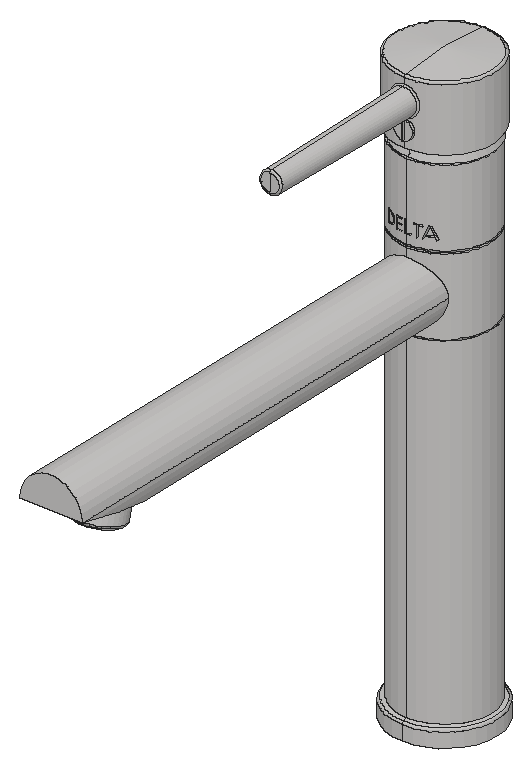
Revit family "Delta Kitchen Trinsic 1159LF", category Plumbing Fixtures, host Face, Revit 2012
Parameters (values of type "Delta Kitchen Trinsic 1159LF")
  With Soap/Lotion Dispenser = no
  With Side Sprayer = no
  Valve Type = "Euromotion Ceramic Cartridge"
  URL = "http://www.deltafaucet.com"
  Tall/High-Arc = yes
  Spout Total Height = 0' - 8"
  Spout Length = 0' - 8 1/4"
  Spout Height Deck to Aerator = 0' - 7"
  Pull-out/Pull-down = no
  Number of Handles = 1
  Model = "1159"
  Manufacturer = "Delta"
  Holes/Width = "Single hole installation"
  Flow Rate = "1.8 gpm @ 60 psi, 6.8 L/min @414 kPa \r\n\r\nRead more: http://www.deltafaucet.com/kitchen/details/1159lf.html#/?tab=product-support#ixzz2OqQYlGZq"
  Default Elevation = 4' - 0"
Reference planes (in)
  plane 1 "Center (Front/Back)": y = 0
  plane 2: z = 0
  plane 3 "Center (Left/Right)": x = 0
Dimensions and locks (in)
  aligned and locked: plane 2 to host face
  aligned and locked: level to host face
Nested families (in)
  nested 1: "Delta Kitchen Trinsic 1159" at (0, 0, 0), type "Delta Kitchen Trinsic 1159"
Connectors (in)
  piping at (0, 0, 0)
    settings: on host face, index 1, connector radius 12", flow factor 0, pipe flow 0 GPM, pressure drop 0.00 psi, fitting loss kfactor 0, connector angle 0.00°, fixture units 0, engagement length 0' - 0", flow configuration 0, flow direction 0, fitting loss method 0, system type 7, joint type 0, gender type 0, connector reference index -1, connector utility 0, adjustable connector no, is connector primary yes, fitting loss table "", connector description ""
Definition of nested family "Delta Kitchen Trinsic 1159"
  Parameters (values of type "Delta Kitchen Trinsic 1159")
    URL = "http://www.deltafaucet.com"
    Tap = Stainless Steel
    Model = "Delta Kitchen Trinsic 1159"
    Manufacturer = "Delta"
    Logo = Logo
  Reference planes (in)
    plane 1 "Center (Front/Back)": y = 0
    plane 2: z = 0
    plane 3 "Center (Left/Right)": x = 0
  Forms (in)
    Sweep 1, solid, material "Stainless Steel" <- "Tap"
      path origin (0, 35.17458, -28.06417) x (0, 1, 0) y (0, 0, 1)
        loop
          line (-35.8394, 35.58071) -> (-44.42734, 35.58071)
      profile origin (0, -4.95879, 7.51654) x (0, 0, -1) y (1, 0, 0)
        loop
          circle (0, 0) r 0.59053
    Revolve 2, solid, material "Stainless Steel" <- "Tap"
      sketch origin (0, 35.65997, -28.96836) x (0, 1, 0) y (0, 0, 1)
        loop
          line (-35.6627, 28.96836) -> (-35.6627, 35.77031) -> (-36.53873, 35.77031) -> (-36.53873, 29.31066) -> (-36.61891, 29.2899)
          arc (-36.61891, 29.2899) -> (-36.64344, 29.27109) -> (-36.65273, 29.24161) r 0.0514
          line (-36.65273, 29.24161) -> (-36.65273, 28.96836) -> (-35.6627, 28.96836)
        axis (-35.6627, 28.96836) -> (-35.6627, 35.77031)
      angle from 0 to 360
    Revolve 3, solid, material "Stainless Steel" <- "Tap"
      sketch origin (0.01536, 35.6657, -26.03282) x (0, 1, 0) y (0, 0, 1)
        loop
          line (-35.6627, 36.01266) -> (-35.6627, 35.82677) -> (-34.78917, 35.82677)
          arc (-34.78917, 35.82677) -> (-34.83043, 35.97647) -> (-34.88448, 36.12203) r 1.79394
          line (-34.88448, 36.12203) -> (-35.6627, 36.01266)
        axis (-35.6627, 35.82677) -> (-35.6627, 36.12203)
      angle from 0 to 360
    Revolve 4, solid, material "Stainless Steel" <- "Tap"
      sketch origin (0, 34.35252, -26.62005) x (0, 0.999445, 0.033323) y (0, -0.033323, 0.999445)
        loop
          line (-40.83326, 35.1106) -> (-41.27293, 35.23622) -> (-41.3624, 34.9231) -> (-40.94704, 34.80442)
          arc (-40.94704, 34.80442) -> (-40.92944, 34.80628) -> (-40.9167, 34.81857) r 0.02723
          line (-40.9167, 34.81857) -> (-40.83326, 35.1106)
        axis (-41.3624, 34.9231) -> (-41.27293, 35.23622)
      angle from 0 to 360
    Revolve 5, solid, material "Stainless Steel" <- "Tap"
      sketch origin (0, 34.32506, -26.70403) x (0, 0.999445, 0.033323) y (0, -0.033323, 0.999445)
        loop
          line (-41.35211, 34.95912) -> (-40.99686, 34.85762) -> (-40.96532, 34.90266) -> (-41.33783, 35.00909) -> (-41.35211, 34.95912)
        axis (-41.33783, 35.00909) -> (-41.35211, 34.95912)
      angle from 0 to 360
    Extrusion 6, solid, material "Stainless Steel" <- "Tap"
      sketch origin (0, 35.62306, -27.40622) x (1, 0, 0) y (0, 0, 1)
        loop
          circle (0, 37.70686) r 0.17717
      from 36.59986 to 36.55984
    Extrusion 7, solid, material "Stainless Steel" <- "Tap"
      sketch origin (0, 35.62306, -27.40622) x (1, 0, 0) y (0, 0, 1)
        loop
          arc (-0.01575, 37.53707) -> (0, 37.53548) -> (0.01575, 37.53707) r 0.07874
          line (0.01575, 37.53707) -> (0.01575, 37.87939)
          arc (0.01575, 37.87939) -> (0, 37.88098) -> (-0.01575, 37.87939) r 0.07874
          line (-0.01575, 37.87939) -> (-0.01575, 37.53707)
      from 36.59986 to 36.61973
    Revolve 8, solid, material "Stainless Steel" <- "Tap"
      sketch origin (0, 35.65997, -28.96836) x (0, 1, 0) y (0, 0, 1)
        loop
          line (-36.51826, 37.26631) -> (-35.66273, 37.26631) -> (-35.66273, 38.76231) -> (-36.51826, 38.76231)
          arc (-36.51826, 38.76231) -> (-36.53392, 38.75526) -> (-36.53873, 38.73877) r 0.02052
          line (-36.53873, 38.73877) -> (-36.53873, 37.28986)
          arc (-36.53873, 37.28986) -> (-36.53392, 37.27337) -> (-36.51826, 37.26631) r 0.02052
        axis (-35.66273, 37.26631) -> (-35.66273, 38.76231)
      angle from 0 to 360
    Extrusion 9, void
      sketch origin (0, 0, 0) x (0, 1, 0) y (0, 0, 1)
        loop
          line (-9.25276, 7.51654) -> (-9.25276, 6.92601) -> (-6.89056, 6.92601) -> (-9.25276, 7.51654)
      from -0.69479 to 0.6519
    Revolve 10, solid, material "Stainless Steel" <- "Tap"
      sketch origin (0, 35.65997, -30.46436) x (0, 1, 0) y (0, 0, 1)
        loop
          line (-36.51826, 37.26631) -> (-35.66273, 37.26631) -> (-35.66273, 38.76231) -> (-36.51826, 38.76231)
          arc (-36.51826, 38.76231) -> (-36.53392, 38.75526) -> (-36.53873, 38.73877) r 0.02052
          line (-36.53873, 38.73877) -> (-36.53873, 37.28986)
          arc (-36.53873, 37.28986) -> (-36.53392, 37.27337) -> (-36.51826, 37.26631) r 0.02052
        axis (-35.66273, 37.26631) -> (-35.66273, 38.76231)
      angle from 0 to 360
    Revolve 11, solid, material "Stainless Steel" <- "Tap"
      sketch origin (0, 0, 0) x (0, 1, 0) y (0, 0, 1)
        loop
          line (0, 9.98018) -> (0, 11.28518)
          arc (0, 11.28518) -> (-0.4548, 11.26452) -> (-0.90567, 11.20135) r 4.85578
          arc (-0.90567, 11.20135) -> (-0.93348, 11.18983) -> (-0.945, 11.16202) r 0.03933
          line (-0.945, 11.16202) -> (-0.945, 9.98018) -> (0, 9.98018)
        axis (0, 11.28518) -> (0, 9.98018)
      angle from 0 to 360
    Extrusion 12, void
      sketch origin (0, 0, 0) x (0, 1, 0) y (0, 0, 1)
        loop
          line (0.945, 9.98018) -> (0.945, 10.11299) -> (0, 9.98018) -> (0.945, 9.98018)
      from -0.9996 to 1.03145
    Revolve 13, solid, material "Stainless Steel" <- "Tap"
      sketch origin (0, 0, 0) x (0, 1, 0) y (0, 0, 1)
        loop
          line (-0.9755, 11.0231) -> (-4.0704, 10.98158)
          arc (-4.0704, 10.98158) -> (-4.09135, 10.97265) -> (-4.09999, 10.95158) r 0.03
          line (-4.09999, 10.95158) -> (-4.09999, 10.77618) -> (-0.94549, 10.77618) -> (-0.94549, 11.0531)
          arc (-0.94549, 11.0531) -> (-0.95428, 11.03188) -> (-0.9755, 11.0231) r 0.03
        axis (-0.94549, 10.77618) -> (-4.09999, 10.77618)
      angle from 0 to 360
    Sweep 14, void
      path origin (0, -0.01645, 0) x (0, 1, 0) y (0, 0, 1)
        loop
          line (-0.9487, 8.61338) -> (-0.67943, 8.61338)
      profile origin (0, -0.83052, 8.61338) x (0, 0, 1) y (1, 0, 0)
        loop
          line (-0.11811, -0.37899) -> (-0.11811, -0.44986) -> (0.11811, -0.44986) -> (0.11811, -0.37899)
          arc (0.11811, -0.37899) -> (0, -0.26088) -> (-0.11811, -0.37899) r 0.11811
        loop
          line (0.08661, -0.41836) -> (0.08661, -0.37899)
          arc (0.08661, -0.37899) -> (0, -0.29238) -> (-0.08661, -0.37899) r 0.08661
          line (-0.08661, -0.37899) -> (-0.08661, -0.41836) -> (0.08661, -0.41836)
        loop
          line (-0.11811, -0.08836) -> (-0.11811, -0.22939) -> (0.11811, -0.22939) -> (0.11811, -0.08836) -> (0.08661, -0.08836) -> (0.08661, -0.19789) -> (0.01575, -0.19789) -> (0.01575, -0.08836) -> (-0.01575, -0.08836) -> (-0.01575, -0.19789) -> (-0.08661, -0.19789) -> (-0.08661, -0.08836) -> (-0.11811, -0.08836)
        loop
          line (-0.11811, -0.05687) -> (0.11811, -0.05687) -> (0.11811, -0.02537) -> (-0.08661, -0.02537) -> (-0.08661, 0.08416) -> (-0.11811, 0.08416) -> (-0.11811, -0.05687)
        loop
          line (-0.11811, 0.20191) -> (-0.11811, 0.17042) -> (0.08661, 0.17042) -> (0.08661, 0.11565) -> (0.11811, 0.11565) -> (0.11811, 0.25668) -> (0.08661, 0.25668) -> (0.08661, 0.20191) -> (-0.11811, 0.20191)
        loop
          line (-0.11811, 0.25668) -> (0.11811, 0.35212) -> (0.11811, 0.39461) -> (-0.11811, 0.49004) -> (-0.11811, 0.45607) -> (-0.06841, 0.43599) -> (-0.06841, 0.31073) -> (-0.11811, 0.29065) -> (-0.11811, 0.25668)
        loop
          line (-0.03691, 0.42327) -> (-0.03691, 0.32345) -> (0.08661, 0.37336) -> (-0.03691, 0.42327)
    Sweep 15, void
      path origin (-0.02807, 0, 0) x (1, 0, 0) y (0, 0, 1)
        loop
          line (-1.02228, 0.14272) -> (-0.7793, 0.14272)
      profile origin (-0.92886, 0, 0.14272) x (0, 0, 1) y (0, -1, 0)
        loop
          line (-0.11811, -0.39745) -> (0.11811, -0.39745) -> (0.11811, -0.32658)
          arc (0.11811, -0.32658) -> (0, -0.20847) -> (-0.11811, -0.32658) r 0.11811
          line (-0.11811, -0.32658) -> (-0.11811, -0.39745)
        loop
          line (0.08661, -0.36595) -> (0.08661, -0.32658)
          arc (0.08661, -0.32658) -> (0, -0.23997) -> (-0.08661, -0.32658) r 0.08661
          line (-0.08661, -0.32658) -> (-0.08661, -0.36595) -> (0.08661, -0.36595)
        loop
          line (-0.11811, -0.17698) -> (0.11811, -0.17698) -> (0.11811, -0.03595) -> (0.08661, -0.03595) -> (0.08661, -0.14548) -> (0.01575, -0.14548) -> (0.01575, -0.03595) -> (-0.01575, -0.03595) -> (-0.01575, -0.14548) -> (-0.08661, -0.14548) -> (-0.08661, -0.03595) -> (-0.11811, -0.03595) -> (-0.11811, -0.17698)
        loop
          line (0.11811, 0.02704) -> (-0.08661, 0.02704) -> (-0.08661, 0.13657) -> (-0.11811, 0.13657) -> (-0.11811, -0.00446) -> (0.11811, -0.00446) -> (0.11811, 0.02704)
        loop
          line (0.08661, 0.22283) -> (0.08661, 0.16806) -> (0.11811, 0.16806) -> (0.11811, 0.30909) -> (0.08661, 0.30909) -> (0.08661, 0.25432) -> (-0.11811, 0.25432) -> (-0.11811, 0.22283) -> (0.08661, 0.22283)
        loop
          line (-0.11811, 0.30909) -> (0.11811, 0.40453) -> (0.11811, 0.44702) -> (-0.11811, 0.54246) -> (-0.11811, 0.50849) -> (-0.06841, 0.4884) -> (-0.06841, 0.36314) -> (-0.11811, 0.34306) -> (-0.11811, 0.30909)
        loop
          line (0.08661, 0.42577) -> (-0.03691, 0.47568) -> (-0.03691, 0.37587) -> (0.08661, 0.42577)
  Cuts and joins
    Extrusion 9, Sweep 15 cuts Revolve 2
    Extrusion 9 cuts Sweep 1
    joined: Sweep 1, Revolve 10
    Extrusion 12 cuts Revolve 11
    Sweep 14 cuts Revolve 8
  Dimensions and locks (in)
    aligned: Extrusion 12 sketch curve to Extrusion 12 sketch curve
